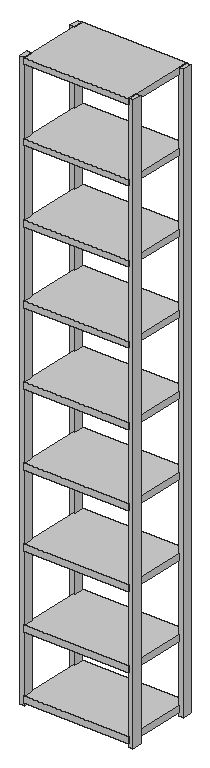
Revit family "SS1", category Specialty Equipment, Revit 2012
Parameters (values of type "Steel Storage Shelving Starter (Default)")
  URL = "http://www.madixinc.com/store/storage/steel/index.html"
  Model = "Storage Shelving"
  Manufacturer = "© 2012 Madix, Inc. All rights reserved."
  Base Shelf [instance] = yes
  Shelf Depth = 2' - 0"
  Width = 3' - 0"
  Height = 16' - 0"
  2' Shelf [instance] = yes
  4' Shelf [instance] = yes
  6' Shelf [instance] = yes
  8' Shelf [instance] = yes
  10' Shelf [instance] = yes
  12' Shelf [instance] = yes
  14' Shelf [instance] = yes
  16' Shelf [instance] = yes
Reference planes (in)
  plane 1 "Center (Front/Back)": y = 0
  plane 2: z = 0
  plane 3 "Center (Left/Right)": x = 0
  plane 4: x = -17.25
  plane 5: x = 17.25
  plane 6: y = 12
  plane 7: y = -12
  plane 8: x = -20.25
  plane 9: x = 20.25
  plane 10: x = -18.75
  plane 11: x = 18.75
  plane 12: x = -18
  plane 13: x = 18
  plane 14: z = 192
Forms (in)
  Extrusion 1, solid, material "Metal - Steel"
    sketch origin (0, 0, 0) x (1, 0, 0) y (0, 1, 0)
      loop
        line (-17.25, 8.875) -> (-17.25, 11.875) -> (-18.75, 11.875) -> (-18.75, 8.875) -> (-17.25, 8.875)
      loop
        line (17.25, 8.875) -> (18.75, 8.875) -> (18.75, 11.875) -> (17.25, 11.875) -> (17.25, 8.875)
      loop
        line (-17.25, -8.875) -> (-18.75, -8.875) -> (-18.75, -11.875) -> (-17.25, -11.875) -> (-17.25, -8.875)
      loop
        line (17.25, -8.875) -> (17.25, -11.875) -> (18.75, -11.875) -> (18.75, -8.875) -> (17.25, -8.875)
    from 0 to 192
  Extrusion 2, solid, material "Metal - Steel", visible <- "12' Shelf"
    sketch origin (-18, -16.25, 177) x (0, -1, 0) y (0, 0, -1)
      loop
        line (-28.25, 9) -> (-4.25, 9) -> (-4.25, 11) -> (-28.25, 11) -> (-28.25, 9)
    from 0.75 to 35.25
  Extrusion 3, solid, material "Metal - Steel", visible <- "16' Shelf"
    sketch origin (-18, -16.25, 201) x (0, -1, 0) y (0, 0, -1)
      loop
        line (-28.25, 9) -> (-4.25, 9) -> (-4.25, 11) -> (-28.25, 11) -> (-28.25, 9)
    from 0.75 to 35.25
  Extrusion 4, solid, material "Metal - Steel", visible <- "10' Shelf"
    sketch origin (-18, -16.25, 153) x (0, -1, 0) y (0, 0, -1)
      loop
        line (-28.25, 9) -> (-4.25, 9) -> (-4.25, 11) -> (-28.25, 11) -> (-28.25, 9)
    from 0.75 to 35.25
  Extrusion 5, solid, material "Metal - Steel", visible <- "10' Shelf"
    sketch origin (-18, -16.25, 129) x (0, -1, 0) y (0, 0, -1)
      loop
        line (-28.25, 9) -> (-4.25, 9) -> (-4.25, 11) -> (-28.25, 11) -> (-28.25, 9)
    from 0.75 to 35.25
  Extrusion 6, solid, material "Metal - Steel", visible <- "8' Shelf"
    sketch origin (-18, -16.25, 105) x (0, -1, 0) y (0, 0, -1)
      loop
        line (-28.25, 9) -> (-4.25, 9) -> (-4.25, 11) -> (-28.25, 11) -> (-28.25, 9)
    from 0.75 to 35.25
  Extrusion 7, solid, material "Metal - Steel", visible <- "6' Shelf"
    sketch origin (-18, -16.25, 81) x (0, -1, 0) y (0, 0, -1)
      loop
        line (-28.25, 9) -> (-4.25, 9) -> (-4.25, 11) -> (-28.25, 11) -> (-28.25, 9)
    from 0.75 to 35.25
  Extrusion 8, solid, material "Metal - Steel", visible <- "4' Shelf"
    sketch origin (-18, -16.25, 57) x (0, -1, 0) y (0, 0, -1)
      loop
        line (-28.25, 9) -> (-4.25, 9) -> (-4.25, 11) -> (-28.25, 11) -> (-28.25, 9)
    from 0.75 to 35.25
  Extrusion 9, solid, material "Metal - Steel", visible <- "2' Shelf"
    sketch origin (-18, -16.25, 33) x (0, -1, 0) y (0, 0, -1)
      loop
        line (-28.25, 9) -> (-4.25, 9) -> (-4.25, 11) -> (-28.25, 11) -> (-28.25, 9)
    from 0.75 to 35.25
  Extrusion 10, solid, material "Metal - Steel", visible <- "Base Shelf"
    sketch origin (-18, -16.25, 12) x (0, -1, 0) y (0, 0, -1)
      loop
        line (-28.25, 9) -> (-4.25, 9) -> (-4.25, 11) -> (-28.25, 11) -> (-28.25, 9)
    from 0.75 to 35.25
Dimensions and locks (in)
  "Width": plane 12 to plane 13
  equal spacing: plane 7, plane 1 "Center (Front/Back)", plane 6
  "Shelf Depth": plane 7 to plane 6
  locked: plane 8 to plane 10 at 1.5
  locked: plane 11 to plane 9 at 1.5
  equal spacing: plane 10, plane 3 "Center (Left/Right)", plane 11
  locked: plane 5 to plane 11 at 1.5
  locked: plane 10 to plane 4 at 1.5
  locked: plane 10 to plane 12 at 0.75
  locked: plane 13 to plane 11 at 0.75
  "Height": plane 14 to level
  aligned and locked: level to plane 2
  aligned and locked: Extrusion 2 to plane 5
  aligned and locked: Extrusion 2 to plane 4
  aligned and locked: plane 5 to Extrusion 3
  aligned and locked: Extrusion 3 to plane 4
  aligned and locked: Extrusion 7 to plane 4
  aligned and locked: Extrusion 8 to plane 4
  aligned and locked: Extrusion 9 to plane 4
  aligned and locked: Extrusion 10 to plane 4
  aligned and locked: Extrusion 7 to plane 5
  aligned and locked: Extrusion 8 to plane 5
  aligned and locked: Extrusion 9 to plane 5
  aligned and locked: Extrusion 10 to plane 5
  aligned and locked: Extrusion 4 to plane 4
  aligned and locked: Extrusion 4 to plane 5
  aligned and locked: Extrusion 5 to plane 5
  aligned and locked: Extrusion 5 to plane 4
  aligned and locked: Extrusion 6 to plane 5
  aligned and locked: Extrusion 6 to plane 4
  aligned and locked: Extrusion 1 to plane 14
Automatic sketch dimensions
  Extrusion 1 sketch curve to plane 10 = 0' - 0"  (x2)
  Extrusion 1 sketch curve to plane 4 = 0' - 0"  (x2)
  Extrusion 1 sketch curve to plane 5 = 0' - 0"  (x2)
  Extrusion 1 sketch curve to plane 11 = 0' - 0"  (x2)
  Extrusion 1 sketch curve to plane 7 = 0' - 0 1/8"  (x2)
  Extrusion 1 sketch curve to Extrusion 1 sketch curve = 0' - 3"  (x2)
  plane 6 to Extrusion 1 sketch curve = 0' - 3 1/8"  (x2)
  plane 6 to Extrusion 1 sketch curve = 0' - 0 1/8"  (x2)
  Extrusion 2 sketch curve to plane 6 = 0' - 0"
  Extrusion 2 sketch curve to plane 7 = 0' - 0"
  Extrusion 2 sketch curve to Extrusion 2 sketch curve = 0' - 2"
  Extrusion 3 sketch curve to plane 6 = 0' - 0"
  Extrusion 3 sketch curve to plane 7 = 0' - 0"
  Extrusion 3 sketch curve to Extrusion 3 sketch curve = 0' - 2"
  Extrusion 4 sketch curve to plane 6 = 0' - 0"
  Extrusion 4 sketch curve to plane 7 = 0' - 0"
  Extrusion 4 sketch curve to Extrusion 4 sketch curve = 0' - 2"
  Extrusion 5 sketch curve to plane 6 = 0' - 0"
  Extrusion 5 sketch curve to plane 7 = 0' - 0"
  Extrusion 5 sketch curve to Extrusion 5 sketch curve = 0' - 2"
  Extrusion 6 sketch curve to plane 6 = 0' - 0"
  Extrusion 6 sketch curve to plane 7 = 0' - 0"
  level to Extrusion 6 sketch curve = 8' - 0"
  Extrusion 6 sketch curve to Extrusion 6 sketch curve = 0' - 2"
  Extrusion 7 sketch curve to plane 6 = 0' - 0"
  Extrusion 7 sketch curve to plane 7 = 0' - 0"
  level to Extrusion 7 sketch curve = 6' - 0"
  Extrusion 7 sketch curve to Extrusion 7 sketch curve = 0' - 2"
  Extrusion 8 sketch curve to plane 6 = 0' - 0"
  Extrusion 8 sketch curve to plane 7 = 0' - 0"
  level to Extrusion 8 sketch curve = 4' - 0"
  Extrusion 8 sketch curve to Extrusion 8 sketch curve = 0' - 2"
  Extrusion 9 sketch curve to plane 6 = 0' - 0"
  Extrusion 9 sketch curve to plane 7 = 0' - 0"
  level to Extrusion 9 sketch curve = 2' - 0"
  Extrusion 9 sketch curve to Extrusion 9 sketch curve = 0' - 2"
  Extrusion 10 sketch curve to plane 6 = 0' - 0"
  Extrusion 10 sketch curve to plane 7 = 0' - 0"
  level to Extrusion 10 sketch curve = 0' - 3"
  level to Extrusion 10 sketch curve = 0' - 1"
  level to Extrusion 2 sketch curve = 14' - 0"
  level to Extrusion 3 sketch curve = 16' - 0"
  level to Extrusion 4 sketch curve = 12' - 0"
  level to Extrusion 5 sketch curve = 10' - 0"
